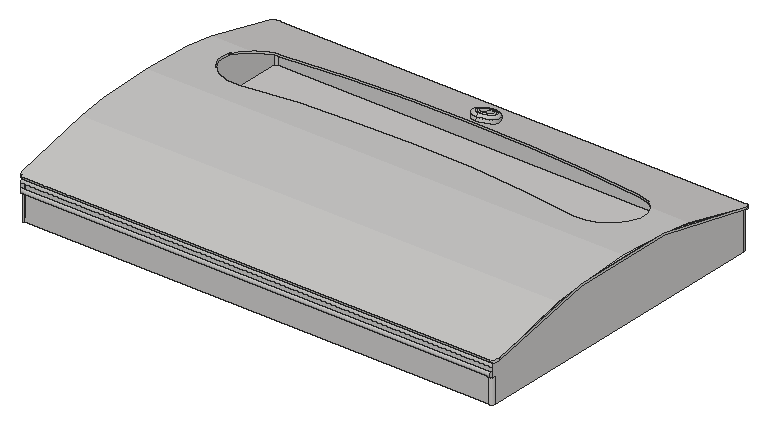
Revit family "PRD_AR_TltPprDspnsrs_STRATOSToiletSeatPaperDispenser_STRX680", category Specialty Equipment, host Face, Revit 2018
Family settings
  Host = Face
  Round Connector Dimension = Use Diameter
  Part Type = Normal
  OmniClass Number = 23.40.20.21.21
  OmniClass Title = Toilet Paper Dispensers
  Cut with Voids When Loaded = No
  Shared = No
  Room Calculation Point = No
Parameters (values of type "STRX680")
  WarrantyStartDate [instance] = "1900-12-31T23:59:59"
  WarrantyGuarantorParts = "n/a"
  WarrantyGuarantorLabor = "n/a"
  WarrantyDurationUnit = "year"
  WarrantyDurationParts = "n/a"
  WarrantyDurationLabor = "n/a"
  WarrantyDescription = "n/a"
  Version = "1"
  Uniclass2015Version = "Products v1.10"
  Uniclass2015Title = "Toilet paper dispensers"
  Uniclass2015Code = "Pr_40_70_22_90"
  URL = "www.kwc.com"
  TypeOfOperation = "Manual operation"
  TypeOfMounting = "Wall mounting"
  TypeOfFixing = "Screw"
  TypeOfConsumable = "Toilet seat paper"
  TagNumber [instance] = "n/a"
  SustainabilityPerformance = "n/a"
  SurfaceTreatment = "InoxPlus (anti fingerprint)"
  Style = "dispenser"
  Size = "393 x 263 x 54 mm"
  Shape = "n/a"
  SerialNumber [instance] = "n/a"
  Revision = "n/a"
  ReplacementCost = "n/a"
  ProductInformation = "https://pim.kwc.com/product/2000057401/attachment/datasheet?locale=en"
  NominalWidth = 393.00 mm
  NominalHeight = 263.00 mm
  NominalDepth = 54.00 mm
  NetWeight = 2.72 kg
  Name = "Toilet seat paper dispenser STRX680"
  NBSTypeID = "n/a"
  NBSReference = "45-35-72/366"
  NBSOfficeMasterTag = "n/a"
  NBSNote = "n/a"
  NBSDescription = "Toilet paper bulk dispensers"
  NBSCertification = "n/a"
  ModelReference = "STRX680"
  ModelNumber = "2000057401"
  Model = ModelReference  # "STRX680"
  MaterialThickness = "1.50 mm"
  MaterialCode = "1.4301"
  Material = "stainless steel"
  ManufacturerURL = "www.kwc.com"
  ManufacturerName = "KWC Group AG"  # constant formula
  Manufacturer = ManufacturerName  # "KWC Group AG"
  MainColor = "stainless steel"
  Lock = "Key-lock"
  IsBuiltIn = "TRUE"
  IntegralAccessories = "incl. stainless steel screws and dowels"
  InstallationDate [instance] = "1900-12-31T23:59:59"
  IfcExportType = "USERDEFINED"
  IfcExportAs = "IfcFurnitureType"
  GrossWeight = 3.36 kg
  Grade = "n/a"
  Finish = "satin finished"
  FillingQuantityUom = "Pieces"
  FillingQuantity = "200"
  Features = "stainless steel, surface satin finished"
  ExpectedLife = "n/a"
  DurationUnit = "year"
  DispenserMaterial = PRD_AR_StainlessSteel_SatinFinished
  Description = "Toilet seat paper dispenser for wall mounting, stainless steel, surface satin finished, front with InoxPlus surface refinement for the reduction of finger marks and better cleaning characteristics (easy to clean), material thickness 1.5 mm, curved front cover with oval aperture, cylinder lock with KWC standard key, for KWC seat paper or others, includes stainless steel screws and dowels."
  Default Elevation = 700.00 mm
  CreatedOn = "11/2019"  # constant formula
  Constituents = "n/a"
  Color = "n/a"
  CodePerformance = "n/a"
  Category = "Pr_40_70_22_90, Toilet paper dispensers"
  BarCode [instance] = "n/a"
  BIMObjectName = "PRD_AR_ToiletPaperDispensers_STRATOSToiletSeatPaperDispenser_STRX680"
  Author = "Archispace"  # constant formula
  AssetType = "Fixed"
  AssetIdentifier [instance] = "n/a"
  AccessibilityPerformance = "n/a"
Reference planes
  plane 1 "Center (Front/Back)": y = 0
  plane 2: z = 0
  plane 3 "Center (Left/Right)": x = 0
Forms (mm)
  Revolve 1, solid, material "PRD_AR_StainlessSteel_SatinFinished" <- "DispenserMaterial", detail levels fine
    sketch origin (0, 47.623, -80.548) x (0, 0.96233, -0.271885) y (0, 0.271885, 0.96233)
      loop
        line (22.26, 137.15) -> (22.26, 132) -> (32.235, 132) -> (32.235, 134.65)
        arc (32.235, 134.65) -> (31.649, 136.064) -> (30.235, 136.65) r 2
        line (30.235, 136.65) -> (28.476, 136.65)
        arc (28.476, 136.65) -> (28.11, 137.016) -> (27.61, 137.15) r 1
        line (27.61, 137.15) -> (22.26, 137.15)
      axis (22.26, 132) -> (22.26, 137.15)
    angle from 0 to 360
  Extrusion 2, solid, material "PRD_AR_StainlessSteel_SatinFinished" <- "DispenserMaterial", detail levels fine
    sketch origin (0, 0, 0) x (0, 1, 0) y (0, 0, 1)
      loop
        line (131.5, 0) -> (131.5, 31.277)
        arc (131.5, 31.277) -> (1.456, 52.497) -> (-128.732, 32.183) r 418
        arc (-128.732, 32.183) -> (-130.735, 30.731) -> (-131.5, 28.378) r 4
        line (-131.5, 28.378) -> (-131.5, 0) -> (131.5, 0)
    from -195 to 195
  Extrusion 3, solid, material "PRD_AR_StainlessSteel_SatinFinished" <- "DispenserMaterial", detail levels fine
    sketch origin (0, 0, 0) x (0, 1, 0) y (0, 0, 1)
      loop
        line (133.027, 30.767) -> (133.505, 32.189)
        arc (133.505, 32.189) -> (0.906, 53.999) -> (-131.786, 32.762) r 419.5
        line (-131.786, 32.762) -> (-131.331, 31.333)
        arc (-131.331, 31.333) -> (0.894, 52.499) -> (133.027, 30.767) r 418
    from -197 to 197
  Sweep 4, void
    path in 3D
      loop
        line (-195, 131.5, 37.298) -> (-195, 131.5, 0)
    profile origin (-195, 131.5, 18.649) x (-1, 0, 0) y (0, -1, 0)
      loop
        line (0, 0) -> (0, 3)
        arc (0, 3) -> (-0.879, 0.879) -> (-3, 0) r 3
        line (-3, 0) -> (0, 0)
      loop
        line (-390, 0) -> (-387, 0)
        arc (-387, 0) -> (-389.121, 0.879) -> (-390, 3) r 3
        line (-390, 3) -> (-390, 0)
  Sweep 5, void
    path in 3D
      loop
        line (-195, -131.5, 0) -> (-195, -131.5, 20.5)
    profile origin (-195, -131.5, 10.25) x (0, 1, 0) y (-1, 0, 0)
      loop
        line (0, 0) -> (0, -3)
        arc (0, -3) -> (0.879, -0.879) -> (3, 0) r 3
        line (3, 0) -> (0, 0)
      loop
        line (0, -390) -> (3, -390)
        arc (3, -390) -> (0.879, -389.121) -> (0, -387) r 3
        line (0, -387) -> (0, -390)
  Extrusion 6, solid, material "PRD_AR_StainlessSteel_SatinFinished" <- "DispenserMaterial", detail levels fine
    sketch origin (0, 0, 0) x (0, 1, 0) y (0, 0, 1)
      loop
        line (-131.5, 20.71) -> (-131.5, 24.69)
        arc (-131.5, 24.69) -> (-133.3, 22.7) -> (-131.5, 20.71) r 2
    from -194 to 194
  Extrusion 7, void
    sketch origin (0, 0, 0) x (1, 0, 0) y (0, 1, 0)
      loop
        line (192, 130) -> (-192, 130)
        arc (-192, 130) -> (-193.061, 129.561) -> (-193.5, 128.5) r 1.5
        line (-193.5, 128.5) -> (-193.5, -128.5)
        arc (-193.5, -128.5) -> (-193.061, -129.561) -> (-192, -130) r 1.5
        line (-192, -130) -> (192, -130)
        arc (192, -130) -> (193.061, -129.561) -> (193.5, -128.5) r 1.5
        line (193.5, -128.5) -> (193.5, 128.5)
        arc (193.5, 128.5) -> (193.061, 129.561) -> (192, 130) r 1.5
    from 1.5 to 77.477
  Extrusion 8, void
    sketch origin (0, 132.376, 69.1) x (0, 1, 0) y (-1, 0, 0)
      loop
        arc (-110.281, 138.207) -> (-99.628, 0) -> (-110.281, -138.207) r 901.917
        arc (-110.281, -138.207) -> (-85.93, -171.52) -> (-52.6, -147.194) r 29.188
        arc (-52.6, -147.194) -> (-41.151, 0) -> (-52.6, 147.194) r 951.878
        arc (-52.6, 147.194) -> (-85.93, 171.52) -> (-110.281, 138.207) r 29.188
    from -46.2 to -4.1
  Extrusion 9, void
    sketch origin (0, 132.376, 69.1) x (0, 1, 0) y (-1, 0, 0)
      loop
        line (1.128, 197) -> (-3.872, 197)
        arc (-3.872, 197) -> (-0.336, 195.536) -> (1.128, 192) r 5
        line (1.128, 192) -> (1.128, 197)
      loop
        line (1.128, -197) -> (1.128, -192)
        arc (1.128, -192) -> (-0.336, -195.536) -> (-3.872, -197) r 5
        line (-3.872, -197) -> (1.128, -197)
      loop
        line (-264.162, 197) -> (-264.162, 192)
        arc (-264.162, 192) -> (-262.698, 195.536) -> (-259.162, 197) r 5
        line (-259.162, 197) -> (-264.162, 197)
      loop
        line (-264.162, -197) -> (-259.162, -197)
        arc (-259.162, -197) -> (-262.698, -195.536) -> (-264.162, -192) r 5
        line (-264.162, -192) -> (-264.162, -197)
    from -44.109 to -29.1
  Revolve 10, solid, material "PRD_AR_StainlessSteel_SatinFinished" <- "DispenserMaterial", detail levels medium
    sketch origin (0, 47.623, -80.548) x (0, 0.96233, -0.271885) y (0, 0.271885, 0.96233)
      loop
        line (22.26, 137.15) -> (22.26, 132) -> (32.235, 132) -> (32.235, 137.15) -> (22.26, 137.15)
      axis (22.26, 132) -> (22.26, 137.15)
    angle from 0 to 360
  Extrusion 11, solid, material "PRD_AR_StainlessSteel_SatinFinished" <- "DispenserMaterial", detail levels medium
    sketch origin (0, 0, 0) x (0, 1, 0) y (0, 0, 1)
      loop
        line (131.5, 0) -> (131.5, 31.277)
        arc (131.5, 31.277) -> (1.456, 52.497) -> (-128.732, 32.183) r 418
        arc (-128.732, 32.183) -> (-130.735, 30.731) -> (-131.5, 28.378) r 4
        line (-131.5, 28.378) -> (-131.5, 0) -> (131.5, 0)
    from -195 to 195
  Extrusion 12, solid, material "PRD_AR_StainlessSteel_SatinFinished" <- "DispenserMaterial", detail levels medium
    sketch origin (0, 0, 0) x (0, 1, 0) y (0, 0, 1)
      loop
        line (133.027, 30.767) -> (133.505, 32.189)
        arc (133.505, 32.189) -> (0.906, 53.999) -> (-131.786, 32.762) r 419.5
        line (-131.786, 32.762) -> (-131.331, 31.333)
        arc (-131.331, 31.333) -> (0.894, 52.499) -> (133.027, 30.767) r 418
    from -197 to 197
  Extrusion 13, solid, material "PRD_AR_StainlessSteel_SatinFinished" <- "DispenserMaterial", detail levels coarse
    sketch origin (0, 0, 0) x (0, 1, 0) y (0, 0, 1)
      loop
        line (131.5, 0) -> (131.5, 54) -> (-131.5, 54) -> (-131.5, 0) -> (131.5, 0)
    from -197 to 197
Cuts and joins
  Sweep 4, Sweep 5, Extrusion 7 cuts Extrusion 2
  Extrusion 8, Extrusion 9 cuts Extrusion 3
Lines and regions (mm)
  sketch lines
    curve 1: line (-195, 131.5, 37.298) -> (-195, 131.5, 0)
    curve 2: line (-195, -131.5, 0) -> (-195, -131.5, 20.5)
Dimensions and locks
  aligned and locked: plane 2 to host face
  aligned and locked: level to host face
